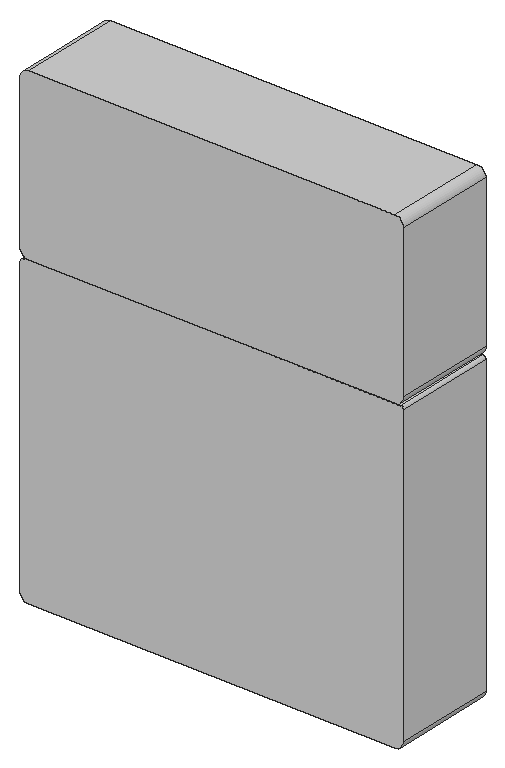
Revit family "Building-IEC309Boards-GEWISS-68QDIN-DISTRIBUTION-BOARD-20MOD_4SOCKET-OUTLETS_IB_ORIZ", category Attrezzatura elettrica, host Muro, Revit 2016
Family settings
  Host = Muro
  Configurazione quadro = Due colonne, circuiti in orizzontale
  Tipo di parte = Pannello comandi
  Quota connettore circolare = Usa diametro
  Numero OmniClass = 23.80.30.11.17
  Titolo OmniClass = Distribution Boards and Control Panels
  Sempre verticale = Sì
  Taglio con vuoti quando caricato = No
  Condiviso = No
  Punto di calcolo locali = No
Parameters (values of type "GW68014N - Q-DIN 20M 4 FLANGES S.O.BL.HOR.CBF IP65")
  potenza = 400 V
  Working temperature = "-25 ÷ +40 °C"
  Voltaggio = "400V"
  Vista di pianta [instance] = yes
  Vetro = GEWISS - vetro
  Version type = "Empty"
  Version file RFA = "18.0"
  URL = "https://www.gewiss.com/ww/en"
  Thermo-pressure with ball = "70 °C"
  Technical sheet = "https://www.gewiss.com/ww/en/search?q=GW68014N"
  Struttura = GEWISS - Grigio RAL - 7035
  Simbolo Acceso [instance] = yes
  Shock resistance = "IK08"
  SEO = "Board"
  Realized by GEWISS S.p.A. = ""
  Produttore = "GEWISS S.p.A."
  Presa = GEWISS - Grigio RAL - 7035
  Operating temperature: = "-25 +40 °C"
  Offset etichetta nome quadro [instance] = 125 mm
  Numero di poli = 3
  Panel Name [instance] = "NOME"
  No. of provided blank lids = "2 IB 16/32A"
  No. of modules EN 50022 = "20"
  No. of blank lids supplied = "2 IB 16/32A"
  No. IB socket-outlets houseable = "4 IB Horiz. 16/32A CBF IP44"
  Modello = "GW68014N"
  Insulation class = "II"
  Installation type = "Surface-mounting"
  Immagine tipo = GW68014N.jpg
  IP degree = "IP65"
  IFC.TypeObject = ""
  IFC.ExportType = ""
  IFC.ExportAs = ""
  IDT = "90d6f30b-0b77-4e9c-bb41-47f43079aa94"
  IDF = "6844e258-d407-403b-8fb6-669cf0bd49dc"
  Houseable socket = "4 IB Horiz. 16/32A CBF IP44"
  Houseable interloc. socket. = "4 IB Horiz. 16/32A CBF IP44"
  H_da terra = 1200 mm
  Glow Wire Test = "650°C"
  For socket-outlets = "CBF horizontal"
  Electrocod = "2242"
  ETICHETTA NOME QUADRO [instance] = yes
  EAN code = "8011564744837"
  Distanza orizzontale del simbolo [instance] = 0 mm
  Distanza dal muro [instance] = 0 mm
  Dispersible power B (W) = "92"
  Dispersible power A (W) = "30"
  Descrizione = "Q-DIN 20M 4 FLANGES S.O.BL.HOR.CBF IP65"
  Colour = "Grey RAL 7035"
  Classificazione carico = Altro
  Catalogue Range = "68 QDIN"
  Catalogue = "BUILDING"
  Carico apparente = 0 VA
  Cornice simbolo [instance] = no
  COBie.Tagnumber = ""
  COBie.CreatedOn = ""
  COBie.CreatebBy = ""
  COBie.ComponentRegisterItemID = ""
  COBie.Component.TagNumber = ""
  COBie.Component.Space = ""
  COBie.Component.SerialNumber = ""
  COBie.Component.InstallationDate = ""
  COBie.Component.Description = ""
  COBie.Component.BarCode = ""
  Accordance with Standards = "EN 60208 - EN 60670-1 - IEC 60670-24"
Reference planes
  plane 1 "Muro": y = 0
  plane 2 "Centro (Sinistra/Destra)": x = 125
  plane 3 "Indietro": y = 75
  plane 4: z = 1200
  plane 5: x = 125
  plane 6: y = 200
Lines and regions (mm)
  Masking region 1, visible <- "Vista di pianta"
    outline origin (0, 0, 0) x (1, 0, 0) y (0, 1, 0)
      loop
        line (-100, 175) -> (-100, 75) -> (350, 75) -> (350, 175) -> (-100, 175)
  Masking region 2
    outline origin (125, 0, 0) x (0, 1, 0) y (0, 0, 1)
      loop
        line (75, 1033) -> (175, 1033) -> (175, 1200) -> (75, 1200) -> (75, 1033)
  Masking region 3
    outline origin (125, 0, 0) x (0, 1, 0) y (0, 0, 1)
      loop
        line (155.196, 1033) -> (75, 1033) -> (75, 640) -> (155.196, 640) -> (155.196, 1033)
Text (mm)
  text "Lato posizionamento" at (-1848.837, 1116.779, 0), in view "Livello rif."
  text "Lato posizionamento" at (0, 1409.804, 2854.306), in view "Sinistra"
  text "Lato posizionamento" at (0, 499.811, 2980.732), in view "Destra"
Dimensions and locks
  locked: plane 3 "Indietro" to host wall
  "H_da terra": level to plane 4
  "Offset etichetta nome quadro": host wall to plane 6
  "Distanza orizzontale del simbolo": plane 5 to plane 2 "Centro (Sinistra/Destra)"
  aligned and locked: plane 1 "Muro" to host wall
  aligned and locked: nested 1 to plane 3 "Indietro"
  aligned and locked: plane 4 to nested 1
  aligned and locked: nested 2 to plane 6
  aligned and locked: plane 5 to nested 3
  aligned and locked: Masking region 1 to nested 1  (x2)
  aligned and locked: Masking region 2 sketch curve to nested 1  (x3)
  aligned and locked: nested 1 to Masking region 2 sketch curve
  aligned and locked: Masking region 3 sketch curve to nested 1  (x4)
  aligned and locked: plane 2 "Centro (Sinistra/Destra)" to nested 4
  aligned and locked: nested 4 to plane 4
Automatic sketch dimensions
  Masking region 1 sketch curve to host wall = 0 mm
  Masking region 1 sketch curve to plane 2 "Centro (Sinistra/Destra)" = 225 mm
  plane 2 "Centro (Sinistra/Destra)" to Masking region 1 sketch curve = 225 mm
  host wall to Masking region 1 sketch curve = 100 mm
Nested families
  nested 1: "QDIN10 QUADRO  X 4 PRESE IND" at (125, 75, 53.117) x (-1, 0, 0) z (0, 0, 1), type "QDIN10 QUADRO  X 4 PRESE IND"
  nested 2: "NOME QUADRO" at (125, 200, 0), TXT <- "Panel Name", visible <- "ETICHETTA NOME QUADRO", type "NOME QUADRO"
    with TXT "NOME"
  nested 3: "CENTRALINO" at (125, 116.894, 0), BORDO ACCESO <- "Cornice simbolo", SIMBOLO ACCESO <- "Simbolo Acceso", Distanza dal muro <- "Distanza dal muro", type "CENTRALINO"
    with SIMBOLO ACCESO yes, Distanza dal muro 0 mm, BORDO ACCESO no
  nested 4: "2D - QDIN20 QUADRO DISTRIB X4 PRESE IND ORIZZ" at (125, 0, 640) x (1, 0, 0) z (0, -1, 0), type "BIDIMENSIONALE"
Connectors
  electrical at (125, 135, 640), driven by "Numero di poli", driven by "potenza", driven by "Carico apparente", driven by "Classificazione carico"
    settings: on nested 1, index 1, voltage 400 V, apparent load 0 VA, apparent load phase1 0 VA, apparent load phase2 0 VA, apparent load phase3 0 VA, power factor 1, load classification "Altro", number of poles 3, system type 31, power factor state 1, is connector primary yes, connector utility no, sub classification motor no, connector description ""
Definition of nested family "QDIN10 QUADRO  X 4 PRESE IND"
  Parameters (values of type "QDIN10 QUADRO  X 4 PRESE IND")
    Vetro = none
    Struttura = none
    Spessore = 160 mm
    Default Elevation = 14 mm
    Presa = none
    Lunghezza = 450 mm
    IFC.TypeObject = ""
    IFC.ExportType = ""
    IFC.ExportAs = ""
    H_da terra = 586.883 mm
    COBie.CreatedOn = ""
    COBie.CreatebBy = ""
    COBie.ComponentRegisterItemID = ""
    COBie.Component.TagNumber = ""
    COBie.Component.Space = ""
    COBie.Component.SerialNumber = ""
    COBie.Component.InstallationDate = ""
    COBie.Component.Description = ""
    COBie.Component.BarCode = ""
    Altezza = 560 mm
  Reference planes
    plane 1 "Centro (Fronte/Retro)": y = 0
    plane 2: z = 0
    plane 3 "Centro (Sinistra/Destra)": x = 0
    plane 4 "s": y = -100
    plane 5: z = 586.883
    plane 6: z = 1146.883
    plane 7: x = -225
    plane 8: x = 225
    plane 9: z = 979.883
    plane 10: y = -80.196
    plane 11: z = 959.178
    plane 12: x = 210.006
    plane 13: z = 613.149
    plane 14: x = -210.006
    plane 15: x = -222.597
    plane 16: x = 222.589
    plane 17: z = 989.383
    plane 18: z = 1108.347
    plane 19: y = -46.089
    plane 20: y = -87.126
    plane 21: x = 2.5
    plane 22: x = -2.5
    plane 23: z = 775.855
    plane 24: z = 770.855
  Forms (mm)
    Extrusion 1, solid, material <- "Struttura"
      sketch origin (0, 0, 0) x (1, 0, 0) y (0, 0, 1)
        loop
          arc (-215, 1146.883) -> (-222.071, 1143.954) -> (-225, 1136.883) r 10
          line (-225, 1136.883) -> (-225, 958.79)
          arc (-225, 958.79) -> (-222.071, 951.719) -> (-215, 948.79) r 10
          line (-215, 948.79) -> (215, 948.79)
          arc (215, 948.79) -> (222.071, 951.719) -> (225, 958.79) r 10
          line (225, 958.79) -> (225, 1136.883)
          arc (225, 1136.883) -> (222.071, 1143.954) -> (215, 1146.883) r 10
          line (215, 1146.883) -> (-215, 1146.883)
      from 0 to 120
    Extrusion 2, solid, material <- "Struttura"
      sketch origin (0, 0, 0) x (1, 0, 0) y (0, 0, 1)
        loop
          line (217.45, 948.79) -> (-221.38, 948.79)
          arc (-221.38, 948.79) -> (-223.94, 947.73) -> (-225, 945.17) r 3.62
          line (-225, 945.17) -> (-225, 596.883)
          arc (-225, 596.883) -> (-222.071, 589.812) -> (-215, 586.883) r 10
          line (-215, 586.883) -> (215, 586.883)
          arc (215, 586.883) -> (222.071, 589.812) -> (225, 596.883) r 10
          line (225, 596.883) -> (225, 941.24)
          arc (225, 941.24) -> (222.789, 946.579) -> (217.45, 948.79) r 7.55
      from 0 to 120
    Extrusion 3, void
      sketch origin (0, 0, 0) x (1, 0, 0) y (0, 0, 1)
        loop
          line (-222.597, 1108.347) -> (-222.597, 989.383) -> (222.589, 989.383) -> (222.589, 1108.347) -> (-222.597, 1108.347)
      from 46.089 to 120
    Extrusion 4, solid, material <- "Vetro", detail levels fine
      sketch origin (0, 0, 0) x (1, 0, 0) y (0, 0, 1)
        loop
          line (-222.597, 1108.347) -> (-222.597, 989.383) -> (222.589, 989.383) -> (222.589, 1108.347) -> (-222.597, 1108.347)
      from 87.126 to 120.5
    Extrusion 5, solid, material <- "Struttura", detail levels fine
      sketch origin (0, 0, 0) x (1, 0, 0) y (0, 0, 1)
        loop
          line (-210.006, 926.364) -> (-210.006, 775.855) -> (-2.5, 775.855) -> (-2.5, 926.364) -> (-210.006, 926.364)
        loop
          line (2.5, 926.364) -> (2.5, 775.855) -> (210.006, 775.855) -> (210.006, 926.364) -> (2.5, 926.364)
        loop
          line (-210.006, 770.855) -> (-210.006, 613.149) -> (-2.5, 613.149) -> (-2.5, 770.855) -> (-210.006, 770.855)
        loop
          line (2.5, 770.855) -> (2.5, 613.149) -> (210.006, 613.149) -> (210.006, 770.855) -> (2.5, 770.855)
      from 119 to 122
  Cuts and joins
    Extrusion 3 cuts Extrusion 1
  Dimensions and locks
    plane 4 "s" to plane 1 "Centro (Fronte/Retro)" = 100 mm  (x2)
    "H_da terra": plane 5 to level
    equal spacing: plane 7, plane 3 "Centro (Sinistra/Destra)", plane 8
    "Lunghezza": plane 7 to plane 8
    locked: plane 4 "s" to plane 10 at 19.804
    locked: plane 12 to plane 8 at 14.994
    locked: plane 13 to plane 5 at 26.266
    locked: plane 14 to plane 7 at 14.994
    locked: plane 6 to plane 18 at 38.537
    locked: plane 17 to plane 9 at 9.5
    locked: plane 7 to plane 15 at 2.403
    locked: plane 16 to plane 8 at 2.411
    locked: plane 4 "s" to plane 19 at 53.911
    locked: plane 4 "s" to plane 20 at 12.874
    locked: plane 9 to plane 11 at 20.705
    "Altezza": plane 6 to plane 5
    locked: plane 18 to plane 17 at 118.963
    equal spacing: plane 21, plane 3 "Centro (Sinistra/Destra)", plane 22
    plane 21 to plane 22 = 5 mm
    plane 23 to plane 24 = 5 mm
    plane 5 to Extrusion 5 = 339.481 mm
    aligned and locked: level to plane 2
    aligned and locked: Extrusion 1 sketch curve to plane 6
    aligned and locked: Extrusion 1 sketch curve to plane 8
    aligned and locked: Extrusion 1 sketch curve to plane 7
    aligned and locked: Extrusion 2 sketch curve to plane 8
    aligned and locked: Extrusion 2 sketch curve to plane 7
    aligned and locked: Extrusion 2 sketch curve to plane 5
    aligned and locked: Extrusion 3 sketch curve to plane 18
    aligned and locked: plane 16 to Extrusion 3 sketch curve
    aligned and locked: plane 15 to Extrusion 3 sketch curve
    aligned and locked: Extrusion 3 sketch curve to plane 17
    aligned and locked: plane 19 to cut or joined group of Extrusion 1, Extrusion 3
    aligned and locked: Extrusion 4 sketch curve to plane 18
    aligned and locked: plane 16 to Extrusion 4 sketch curve
    aligned and locked: Extrusion 4 sketch curve to plane 17
    aligned and locked: plane 15 to Extrusion 4 sketch curve
    aligned and locked: plane 20 to Extrusion 4
    aligned and locked: Extrusion 5 sketch curve to plane 22
    aligned and locked: plane 21 to Extrusion 5 sketch curve
    aligned and locked: Extrusion 5 sketch curve to plane 13  (x2)
  Automatic sketch dimensions
    Extrusion 1 sketch curve to Extrusion 1 sketch curve = 10 mm  (x2)
    Extrusion 1 sketch curve to plane 7 = 10 mm
    plane 8 to Extrusion 1 sketch curve = 10 mm
    Extrusion 2 sketch curve to Extrusion 2 sketch curve = 3.62 mm
    Extrusion 2 sketch curve to plane 7 = 10 mm
    Extrusion 2 sketch curve to Extrusion 2 sketch curve = 10 mm
    plane 8 to Extrusion 2 sketch curve = 7.55 mm
    Extrusion 5 sketch curve to plane 15 = 12.591 mm
    Extrusion 5 sketch curve to plane 14 = 0 mm
    Extrusion 5 sketch curve to plane 21 = 0 mm
    Extrusion 5 sketch curve to plane 3 "Centro (Sinistra/Destra)" = 2.5 mm
    plane 16 to Extrusion 5 sketch curve = 12.583 mm  (x2)
    plane 17 to Extrusion 1 sketch curve = 30.593 mm
    Extrusion 2 sketch curve to plane 11 = 17.939 mm
    Extrusion 5 sketch curve to plane 11 = 32.814 mm  (x2)
    Extrusion 5 sketch curve to plane 23 = 0 mm  (x2)
    Extrusion 5 sketch curve to plane 24 = 0 mm  (x2)
Definition of nested family "NOME QUADRO"
  Parameters (values of type "NOME QUADRO")
    TXT [instance] = ""
  Reference planes
    plane 1: y = 0
    plane 2: x = 0
  Text (mm)
    label "NOME QUADRO" at (0.217, 0.029, 0), shows "TXT"
Definition of nested family "CENTRALINO"
  Parameters (values of type "CENTRALINO")
    SIMBOLO ACCESO [instance] = yes
    Distanza dal muro [instance] = 0 mm
    BORDO ACCESO [instance] = yes
  Reference planes
    plane 1: y = 0
    plane 2: x = 0
  Dimensions and locks
    "Distanza dal muro": plane 1 to nested 1
    aligned and locked: plane 2 to nested 1
  Nested families
    nested 1: "CENTRALINO_BASE" at (0, 0, 0), BORDO ACCESO <- "BORDO ACCESO", visible <- "SIMBOLO ACCESO", type "CENTRALINO"
      with BORDO ACCESO yes
  Definition of nested family "CENTRALINO_BASE"
    Parameters (values of type "CENTRALINO")
      Distanza dal muro = 0 mm
      BORDO ACCESO [instance] = yes
    Reference planes
      plane 1: y = 0
      plane 2: x = 0
    Lines and regions (mm)
      detail lines, visible <- "BORDO ACCESO", not visible
        curve 1: line (-2.443, 10.208, 0) -> (2.057, 10.208, 0)
        curve 2: line (2.057, 10.208, 0) -> (2.057, 4.208, 0)
        curve 3: line (2.057, 4.208, 0) -> (-2.443, 4.208, 0)
        curve 4: line (-2.443, 4.208, 0) -> (-2.443, 10.208, 0)
        curve 5: line (-2.043, 9.808, 0) -> (1.657, 9.808, 0)
        curve 6: line (1.657, 9.808, 0) -> (1.657, 4.608, 0)
        curve 7: line (1.657, 4.608, 0) -> (-2.043, 4.608, 0)
        curve 8: line (-2.043, 4.608, 0) -> (-2.043, 9.808, 0)
      detail lines
        curve 9: line (0, 0.905, 0) -> (0, 0.235, 0)
        curve 10: line (0.659, 0.905, 0) -> (0.659, 1.564, 0)
        curve 11: line (0.659, 1.564, 0) -> (-0.659, 1.564, 0)
        curve 12: line (-0.659, 1.564, 0) -> (-0.659, 0.905, 0)
        curve 13: line (-0.659, 0.905, 0) -> (0.659, 0.905, 0)
        curve 14: line (0.497, 1.564, 0) -> (0.497, 2.235, 0)
        curve 15: line (0.167, 1.564, 0) -> (0.167, 2.235, 0)
        curve 16: line (-0.162, 1.564, 0) -> (-0.162, 2.235, 0)
        curve 17: line (-0.491, 1.564, 0) -> (-0.491, 2.235, 0)
Definition of nested family "2D - QDIN20 QUADRO DISTRIB X4 PRESE IND ORIZZ"
  Reference planes
    plane 1 "Centro (Fronte/Retro)": y = 0
    plane 2: z = 0
    plane 3 "Centro (Sinistra/Destra)": x = 0
  Lines and regions (mm)
    model lines, in view "Livello rif."
      curve 1: line (197.291, 357.195, 0) -> (197.291, 494.197, 0)
      curve 2: line (197.291, 494.197, 0) -> (-197.291, 494.197, 0)
      curve 3: line (-197.291, 494.197, 0) -> (-197.291, 357.195, 0)
      curve 4: line (-197.291, 357.195, 0) -> (197.291, 357.195, 0)
      curve 5: line (-225, 545, 0) -> (-225, 15, 0)
      curve 6: line (-225, 15, 0) -> (-224.451, 10.981, 0)
      curve 7: line (-224.451, 10.981, 0) -> (-223.144, 7.773, 0)
      curve 8: line (-223.144, 7.773, 0) -> (-220.607, 4.393, 0)
      curve 9: line (-220.607, 4.393, 0) -> (-217.763, 2.165, 0)
      curve 10: line (-217.763, 2.165, 0) -> (-214.387, 0.656, 0)
      curve 11: line (-214.387, 0.656, 0) -> (-210, 0, 0)
      curve 12: line (-210, 0, 0) -> (210, 0, 0)
      curve 13: line (210, 0, 0) -> (214.387, 0.656, 0)
      curve 14: line (214.387, 0.656, 0) -> (217.763, 2.165, 0)
      curve 15: line (217.763, 2.165, 0) -> (220.607, 4.393, 0)
      curve 16: line (220.607, 4.393, 0) -> (223.144, 7.773, 0)
      curve 17: line (223.144, 7.773, 0) -> (224.451, 10.981, 0)
      curve 18: line (224.451, 10.981, 0) -> (225, 15, 0)
      curve 19: line (225, 15, 0) -> (225, 545, 0)
      curve 20: line (225, 545, 0) -> (224.451, 549.019, 0)
      curve 21: line (224.451, 549.019, 0) -> (223.144, 552.227, 0)
      curve 22: line (223.144, 552.227, 0) -> (220.607, 555.607, 0)
      curve 23: line (220.607, 555.607, 0) -> (217.763, 557.835, 0)
      curve 24: line (217.763, 557.835, 0) -> (214.387, 559.344, 0)
      curve 25: line (214.387, 559.344, 0) -> (210, 560, 0)
      curve 26: line (210, 560, 0) -> (-210, 560, 0)
      curve 27: line (-210, 560, 0) -> (-214.387, 559.344, 0)
      curve 28: line (-214.387, 559.344, 0) -> (-217.763, 557.835, 0)
      curve 29: line (-217.763, 557.835, 0) -> (-220.607, 555.607, 0)
      curve 30: line (-220.607, 555.607, 0) -> (-223.144, 552.227, 0)
      curve 31: line (-223.144, 552.227, 0) -> (-224.451, 549.019, 0)
      curve 32: line (-224.451, 549.019, 0) -> (-225, 545, 0)
      curve 33: line (-179.998, 467.5, 0) -> (180.002, 467.5, 0)
      curve 34: line (180.002, 467.5, 0) -> (180.002, 422.5, 0)
      curve 35: line (180.002, 422.5, 0) -> (-179.998, 422.5, 0)
      curve 36: line (-179.998, 422.5, 0) -> (-179.998, 467.5, 0)
      curve 37: line (-197.291, 379.715, 0) -> (197.291, 379.715, 0)
      curve 38: line (-35.454, 376.127, 0) -> (-35, 377.567, 0)
      curve 39: line (-35, 377.567, 0) -> (-35, 379.715, 0)
      curve 40: line (-35, 379.715, 0) -> (-35, 381.972, 0)
      curve 41: line (-35, 381.972, 0) -> (-36.201, 383.745, 0)
      curve 42: line (-36.201, 383.745, 0) -> (-38.012, 386.915, 0)
      curve 43: line (-38.012, 386.915, 0) -> (-40.77, 388.305, 0)
      curve 44: line (-40.77, 388.305, 0) -> (-43.662, 389.192, 0)
      curve 45: line (-43.662, 389.192, 0) -> (-46.027, 389.544, 0)
      curve 46: line (-46.027, 389.544, 0) -> (-47.5, 389.604, 0)
      curve 47: line (-47.5, 389.604, 0) -> (-132.5, 389.604, 0)
      curve 48: line (-132.5, 389.604, 0) -> (-133.973, 389.544, 0)
      curve 49: line (-133.973, 389.544, 0) -> (-136.338, 389.192, 0)
      curve 50: line (-136.338, 389.192, 0) -> (-139.23, 388.305, 0)
      curve 51: line (-139.23, 388.305, 0) -> (-141.988, 386.915, 0)
      curve 52: line (-141.988, 386.915, 0) -> (-143.799, 383.745, 0)
      curve 53: line (-143.799, 383.745, 0) -> (-145, 381.972, 0)
      curve 54: line (-145, 381.972, 0) -> (-145, 379.715, 0)
      curve 55: line (-145, 379.715, 0) -> (-145, 377.567, 0)
      curve 56: line (-145, 377.567, 0) -> (-144.546, 376.127, 0)
      curve 57: line (-47.5, 369.345, 0) -> (-80.224, 369.345, 0)
      curve 58: line (-35.454, 376.127, 0) -> (-33.913, 376.127, 0)
      curve 59: line (-33.913, 376.127, 0) -> (-33.63, 375.959, 0)
      curve 60: line (-33.63, 375.959, 0) -> (-35.818, 373.437, 0)
      curve 61: line (-35.818, 373.437, 0) -> (-39.198, 371.238, 0)
      curve 62: line (-39.198, 371.238, 0) -> (-42.199, 370.036, 0)
      curve 63: line (-42.199, 370.036, 0) -> (-44.774, 369.51, 0)
      curve 64: line (-44.774, 369.51, 0) -> (-47.5, 369.345, 0)
      curve 65: line (-144.182, 373.437, 0) -> (-140.802, 371.238, 0)
      curve 66: line (-140.802, 371.238, 0) -> (-137.801, 370.036, 0)
      curve 67: line (-137.801, 370.036, 0) -> (-135.226, 369.51, 0)
      curve 68: line (-135.226, 369.51, 0) -> (-132.5, 369.345, 0)
      curve 69: line (-132.5, 369.345, 0) -> (-99.776, 369.345, 0)
      curve 70: line (-144.546, 376.127, 0) -> (-146.087, 376.127, 0)
      curve 71: line (-146.087, 376.127, 0) -> (-146.37, 375.959, 0)
      curve 72: line (-146.37, 375.959, 0) -> (-144.182, 373.437, 0)
      curve 73: line (-89.99, 359.037, 0) -> (-94.782, 360.321, 0)
      curve 74: line (-94.782, 360.321, 0) -> (-98.289, 363.829, 0)
      curve 75: line (-98.289, 363.829, 0) -> (-99.573, 368.62, 0)
      curve 76: line (-99.573, 368.62, 0) -> (-98.289, 373.412, 0)
      curve 77: line (-98.289, 373.412, 0) -> (-94.782, 376.919, 0)
      curve 78: line (-94.782, 376.919, 0) -> (-89.99, 378.203, 0)
      curve 79: line (-89.99, 378.203, 0) -> (-85.198, 376.919, 0)
      curve 80: line (-85.198, 376.919, 0) -> (-81.691, 373.412, 0)
      curve 81: line (-81.691, 373.412, 0) -> (-80.407, 368.62, 0)
      curve 82: line (-80.407, 368.62, 0) -> (-81.691, 363.829, 0)
      curve 83: line (-81.691, 363.829, 0) -> (-85.198, 360.321, 0)
      curve 84: line (-85.198, 360.321, 0) -> (-89.99, 359.037, 0)
      curve 85: line (-189.207, 321.983, 0) -> (-187.909, 321.635, 0)
      curve 86: line (-187.909, 321.635, 0) -> (-186.958, 320.685, 0)
      curve 87: line (-186.958, 320.685, 0) -> (-186.611, 319.386, 0)
      curve 88: line (-186.611, 319.386, 0) -> (-186.958, 318.088, 0)
      curve 89: line (-186.958, 318.088, 0) -> (-187.909, 317.138, 0)
      curve 90: line (-187.909, 317.138, 0) -> (-189.207, 316.79, 0)
      curve 91: line (-189.207, 316.79, 0) -> (-190.505, 317.138, 0)
      curve 92: line (-190.505, 317.138, 0) -> (-191.455, 318.088, 0)
      curve 93: line (-191.455, 318.088, 0) -> (-191.803, 319.386, 0)
      curve 94: line (-191.803, 319.386, 0) -> (-191.455, 320.685, 0)
      curve 95: line (-191.455, 320.685, 0) -> (-190.505, 321.635, 0)
      curve 96: line (-190.505, 321.635, 0) -> (-189.207, 321.983, 0)
      curve 97: line (-3.57, 185.693, 0) -> (-3.57, 321.456, 0)
      curve 98: line (-3.57, 321.456, 0) -> (-4.087, 324.119, 0)
      curve 99: line (-4.087, 324.119, 0) -> (-5.657, 326.493, 0)
      curve 100: line (-5.657, 326.493, 0) -> (-7.814, 327.972, 0)
      curve 101: line (-7.814, 327.972, 0) -> (-10.693, 328.579, 0)
      curve 102: line (-10.693, 328.579, 0) -> (-192.424, 328.579, 0)
      curve 103: line (-192.424, 328.579, 0) -> (-195.303, 327.972, 0)
      curve 104: line (-195.303, 327.972, 0) -> (-197.461, 326.493, 0)
      curve 105: line (-197.461, 326.493, 0) -> (-199.031, 324.119, 0)
      curve 106: line (-199.031, 324.119, 0) -> (-199.547, 321.456, 0)
      curve 107: line (-199.547, 321.456, 0) -> (-199.547, 185.693, 0)
      curve 108: line (-199.547, 185.693, 0) -> (-199.031, 183.031, 0)
      curve 109: line (-199.031, 183.031, 0) -> (-197.461, 180.656, 0)
      curve 110: line (-197.461, 180.656, 0) -> (-195.303, 179.178, 0)
      curve 111: line (-195.303, 179.178, 0) -> (-192.424, 178.57, 0)
      curve 112: line (-192.424, 178.57, 0) -> (-10.693, 178.57, 0)
      curve 113: line (-10.693, 178.57, 0) -> (-7.814, 179.178, 0)
      curve 114: line (-7.814, 179.178, 0) -> (-5.657, 180.656, 0)
      curve 115: line (-5.657, 180.656, 0) -> (-4.087, 183.031, 0)
      curve 116: line (-4.087, 183.031, 0) -> (-3.57, 185.693, 0)
      curve 117: line (-13.91, 321.983, 0) -> (-15.208, 321.635, 0)
      curve 118: line (-15.208, 321.635, 0) -> (-16.159, 320.685, 0)
      curve 119: line (-16.159, 320.685, 0) -> (-16.507, 319.386, 0)
      curve 120: line (-16.507, 319.386, 0) -> (-16.159, 318.088, 0)
      curve 121: line (-16.159, 318.088, 0) -> (-15.208, 317.138, 0)
      curve 122: line (-15.208, 317.138, 0) -> (-13.91, 316.79, 0)
      curve 123: line (-13.91, 316.79, 0) -> (-12.612, 317.138, 0)
      curve 124: line (-12.612, 317.138, 0) -> (-11.662, 318.088, 0)
      curve 125: line (-11.662, 318.088, 0) -> (-11.314, 319.386, 0)
      curve 126: line (-11.314, 319.386, 0) -> (-11.662, 320.685, 0)
      curve 127: line (-11.662, 320.685, 0) -> (-12.612, 321.635, 0)
      curve 128: line (-12.612, 321.635, 0) -> (-13.91, 321.983, 0)
      curve 129: line (-189.207, 185.167, 0) -> (-187.909, 185.514, 0)
      curve 130: line (-187.909, 185.514, 0) -> (-186.958, 186.465, 0)
      curve 131: line (-186.958, 186.465, 0) -> (-186.611, 187.763, 0)
      curve 132: line (-186.611, 187.763, 0) -> (-186.958, 189.061, 0)
      curve 133: line (-186.958, 189.061, 0) -> (-187.909, 190.011, 0)
      curve 134: line (-187.909, 190.011, 0) -> (-189.207, 190.359, 0)
      curve 135: line (-189.207, 190.359, 0) -> (-190.505, 190.011, 0)
      curve 136: line (-190.505, 190.011, 0) -> (-191.455, 189.061, 0)
      curve 137: line (-191.455, 189.061, 0) -> (-191.803, 187.763, 0)
      curve 138: line (-191.803, 187.763, 0) -> (-191.455, 186.465, 0)
      curve 139: line (-191.455, 186.465, 0) -> (-190.505, 185.514, 0)
      curve 140: line (-190.505, 185.514, 0) -> (-189.207, 185.167, 0)
      curve 141: line (-13.91, 185.167, 0) -> (-15.208, 185.514, 0)
      curve 142: line (-15.208, 185.514, 0) -> (-16.159, 186.465, 0)
      curve 143: line (-16.159, 186.465, 0) -> (-16.507, 187.763, 0)
      curve 144: line (-16.507, 187.763, 0) -> (-16.159, 189.061, 0)
      curve 145: line (-16.159, 189.061, 0) -> (-15.208, 190.011, 0)
      curve 146: line (-15.208, 190.011, 0) -> (-13.91, 190.359, 0)
      curve 147: line (-13.91, 190.359, 0) -> (-12.612, 190.011, 0)
      curve 148: line (-12.612, 190.011, 0) -> (-11.662, 189.061, 0)
      curve 149: line (-11.662, 189.061, 0) -> (-11.314, 187.763, 0)
      curve 150: line (-11.314, 187.763, 0) -> (-11.662, 186.465, 0)
      curve 151: line (-11.662, 186.465, 0) -> (-12.612, 185.514, 0)
      curve 152: line (-12.612, 185.514, 0) -> (-13.91, 185.167, 0)
      curve 153: line (132.503, 369.345, 0) -> (99.78, 369.345, 0)
      curve 154: line (144.549, 376.127, 0) -> (146.091, 376.127, 0)
      curve 155: line (146.091, 376.127, 0) -> (146.374, 375.959, 0)
      curve 156: line (146.374, 375.959, 0) -> (144.186, 373.437, 0)
      curve 157: line (144.186, 373.437, 0) -> (140.806, 371.238, 0)
      curve 158: line (140.806, 371.238, 0) -> (137.804, 370.036, 0)
      curve 159: line (137.804, 370.036, 0) -> (135.229, 369.51, 0)
      curve 160: line (135.229, 369.51, 0) -> (132.503, 369.345, 0)
      curve 161: line (35.821, 373.437, 0) -> (39.201, 371.238, 0)
      curve 162: line (39.201, 371.238, 0) -> (42.203, 370.036, 0)
      curve 163: line (42.203, 370.036, 0) -> (44.778, 369.51, 0)
      curve 164: line (44.778, 369.51, 0) -> (47.503, 369.345, 0)
      curve 165: line (47.503, 369.345, 0) -> (80.227, 369.345, 0)
      curve 166: line (35.458, 376.127, 0) -> (33.916, 376.127, 0)
      curve 167: line (33.916, 376.127, 0) -> (33.633, 375.959, 0)
      curve 168: line (33.633, 375.959, 0) -> (35.821, 373.437, 0)
      curve 169: line (35.458, 376.127, 0) -> (35.003, 377.567, 0)
      curve 170: line (35.003, 377.567, 0) -> (35.003, 379.715, 0)
      curve 171: line (35.003, 379.715, 0) -> (35.003, 381.972, 0)
      curve 172: line (35.003, 381.972, 0) -> (36.204, 383.745, 0)
      curve 173: line (36.204, 383.745, 0) -> (38.016, 386.915, 0)
      curve 174: line (38.016, 386.915, 0) -> (40.773, 388.305, 0)
      curve 175: line (40.773, 388.305, 0) -> (43.665, 389.192, 0)
      curve 176: line (43.665, 389.192, 0) -> (46.031, 389.544, 0)
      curve 177: line (46.031, 389.544, 0) -> (47.503, 389.604, 0)
      curve 178: line (47.503, 389.604, 0) -> (132.503, 389.604, 0)
      curve 179: line (132.503, 389.604, 0) -> (133.976, 389.544, 0)
      curve 180: line (133.976, 389.544, 0) -> (136.342, 389.192, 0)
      curve 181: line (136.342, 389.192, 0) -> (139.234, 388.305, 0)
      curve 182: line (139.234, 388.305, 0) -> (141.991, 386.915, 0)
      curve 183: line (141.991, 386.915, 0) -> (143.803, 383.745, 0)
      curve 184: line (143.803, 383.745, 0) -> (145.003, 381.972, 0)
      curve 185: line (145.003, 381.972, 0) -> (145.003, 379.715, 0)
      curve 186: line (145.003, 379.715, 0) -> (145.003, 377.567, 0)
      curve 187: line (145.003, 377.567, 0) -> (144.549, 376.127, 0)
      curve 188: line (90.014, 359.037, 0) -> (85.222, 360.321, 0)
      curve 189: line (85.222, 360.321, 0) -> (81.714, 363.829, 0)
      curve 190: line (81.714, 363.829, 0) -> (80.43, 368.62, 0)
      curve 191: line (80.43, 368.62, 0) -> (81.714, 373.412, 0)
      curve 192: line (81.714, 373.412, 0) -> (85.222, 376.919, 0)
      curve 193: line (85.222, 376.919, 0) -> (90.014, 378.203, 0)
      curve 194: line (90.014, 378.203, 0) -> (94.805, 376.919, 0)
      curve 195: line (94.805, 376.919, 0) -> (98.313, 373.412, 0)
      curve 196: line (98.313, 373.412, 0) -> (99.597, 368.62, 0)
      curve 197: line (99.597, 368.62, 0) -> (98.313, 363.829, 0)
      curve 198: line (98.313, 363.829, 0) -> (94.805, 360.321, 0)
      curve 199: line (94.805, 360.321, 0) -> (90.014, 359.037, 0)
      curve 200: line (189.21, 321.983, 0) -> (187.912, 321.635, 0)
      curve 201: line (187.912, 321.635, 0) -> (186.962, 320.685, 0)
      curve 202: line (186.962, 320.685, 0) -> (186.614, 319.386, 0)
      curve 203: line (186.614, 319.386, 0) -> (186.962, 318.088, 0)
      curve 204: line (186.962, 318.088, 0) -> (187.912, 317.138, 0)
      curve 205: line (187.912, 317.138, 0) -> (189.21, 316.79, 0)
      curve 206: line (189.21, 316.79, 0) -> (190.508, 317.138, 0)
      curve 207: line (190.508, 317.138, 0) -> (191.459, 318.088, 0)
      curve 208: line (191.459, 318.088, 0) -> (191.807, 319.386, 0)
      curve 209: line (191.807, 319.386, 0) -> (191.459, 320.685, 0)
      curve 210: line (191.459, 320.685, 0) -> (190.508, 321.635, 0)
      curve 211: line (190.508, 321.635, 0) -> (189.21, 321.983, 0)
      curve 212: line (3.574, 185.693, 0) -> (3.574, 321.456, 0)
      curve 213: line (3.574, 321.456, 0) -> (4.09, 324.119, 0)
      curve 214: line (4.09, 324.119, 0) -> (5.66, 326.493, 0)
      curve 215: line (5.66, 326.493, 0) -> (7.818, 327.972, 0)
      curve 216: line (7.818, 327.972, 0) -> (10.697, 328.579, 0)
      curve 217: line (10.697, 328.579, 0) -> (192.427, 328.579, 0)
      curve 218: line (192.427, 328.579, 0) -> (195.306, 327.972, 0)
      curve 219: line (195.306, 327.972, 0) -> (197.464, 326.493, 0)
      curve 220: line (197.464, 326.493, 0) -> (199.034, 324.119, 0)
      curve 221: line (199.034, 324.119, 0) -> (199.55, 321.456, 0)
      curve 222: line (199.55, 321.456, 0) -> (199.55, 185.693, 0)
      curve 223: line (199.55, 185.693, 0) -> (199.034, 183.031, 0)
      curve 224: line (199.034, 183.031, 0) -> (197.464, 180.656, 0)
      curve 225: line (197.464, 180.656, 0) -> (195.306, 179.178, 0)
      curve 226: line (195.306, 179.178, 0) -> (192.427, 178.57, 0)
      curve 227: line (192.427, 178.57, 0) -> (10.697, 178.57, 0)
      curve 228: line (10.697, 178.57, 0) -> (7.818, 179.178, 0)
      curve 229: line (7.818, 179.178, 0) -> (5.66, 180.656, 0)
      curve 230: line (5.66, 180.656, 0) -> (4.09, 183.031, 0)
      curve 231: line (4.09, 183.031, 0) -> (3.574, 185.693, 0)
      curve 232: line (13.914, 321.983, 0) -> (15.212, 321.635, 0)
      curve 233: line (15.212, 321.635, 0) -> (16.162, 320.685, 0)
      curve 234: line (16.162, 320.685, 0) -> (16.51, 319.386, 0)
      curve 235: line (16.51, 319.386, 0) -> (16.162, 318.088, 0)
      curve 236: line (16.162, 318.088, 0) -> (15.212, 317.138, 0)
      curve 237: line (15.212, 317.138, 0) -> (13.914, 316.79, 0)
      curve 238: line (13.914, 316.79, 0) -> (12.616, 317.138, 0)
      curve 239: line (12.616, 317.138, 0) -> (11.665, 318.088, 0)
      curve 240: line (11.665, 318.088, 0) -> (11.317, 319.386, 0)
      curve 241: line (11.317, 319.386, 0) -> (11.665, 320.685, 0)
      curve 242: line (11.665, 320.685, 0) -> (12.616, 321.635, 0)
      curve 243: line (12.616, 321.635, 0) -> (13.914, 321.983, 0)
      curve 244: line (189.21, 185.167, 0) -> (187.912, 185.514, 0)
      curve 245: line (187.912, 185.514, 0) -> (186.962, 186.465, 0)
      curve 246: line (186.962, 186.465, 0) -> (186.614, 187.763, 0)
      curve 247: line (186.614, 187.763, 0) -> (186.962, 189.061, 0)
      curve 248: line (186.962, 189.061, 0) -> (187.912, 190.011, 0)
      curve 249: line (187.912, 190.011, 0) -> (189.21, 190.359, 0)
      curve 250: line (189.21, 190.359, 0) -> (190.508, 190.011, 0)
      curve 251: line (190.508, 190.011, 0) -> (191.459, 189.061, 0)
      curve 252: line (191.459, 189.061, 0) -> (191.807, 187.763, 0)
      curve 253: line (191.807, 187.763, 0) -> (191.459, 186.465, 0)
      curve 254: line (191.459, 186.465, 0) -> (190.508, 185.514, 0)
      curve 255: line (190.508, 185.514, 0) -> (189.21, 185.167, 0)
      curve 256: line (13.914, 185.167, 0) -> (15.212, 185.514, 0)
      curve 257: line (15.212, 185.514, 0) -> (16.162, 186.465, 0)
      curve 258: line (16.162, 186.465, 0) -> (16.51, 187.763, 0)
      curve 259: line (16.51, 187.763, 0) -> (16.162, 189.061, 0)
      curve 260: line (16.162, 189.061, 0) -> (15.212, 190.011, 0)
      curve 261: line (15.212, 190.011, 0) -> (13.914, 190.359, 0)
      curve 262: line (13.914, 190.359, 0) -> (12.616, 190.011, 0)
      curve 263: line (12.616, 190.011, 0) -> (11.665, 189.061, 0)
      curve 264: line (11.665, 189.061, 0) -> (11.317, 187.763, 0)
      curve 265: line (11.317, 187.763, 0) -> (11.665, 186.465, 0)
      curve 266: line (11.665, 186.465, 0) -> (12.616, 185.514, 0)
      curve 267: line (12.616, 185.514, 0) -> (13.914, 185.167, 0)
      curve 268: line (-189.207, 165.833, 0) -> (-187.909, 165.486, 0)
      curve 269: line (-187.909, 165.486, 0) -> (-186.958, 164.535, 0)
      curve 270: line (-186.958, 164.535, 0) -> (-186.611, 163.237, 0)
      curve 271: line (-186.611, 163.237, 0) -> (-186.958, 161.939, 0)
      curve 272: line (-186.958, 161.939, 0) -> (-187.909, 160.989, 0)
      curve 273: line (-187.909, 160.989, 0) -> (-189.207, 160.641, 0)
      curve 274: line (-189.207, 160.641, 0) -> (-190.505, 160.989, 0)
      curve 275: line (-190.505, 160.989, 0) -> (-191.455, 161.939, 0)
      curve 276: line (-191.455, 161.939, 0) -> (-191.803, 163.237, 0)
      curve 277: line (-191.803, 163.237, 0) -> (-191.455, 164.535, 0)
      curve 278: line (-191.455, 164.535, 0) -> (-190.505, 165.486, 0)
      curve 279: line (-190.505, 165.486, 0) -> (-189.207, 165.833, 0)
      curve 280: line (-3.57, 29.544, 0) -> (-3.57, 165.307, 0)
      curve 281: line (-3.57, 165.307, 0) -> (-4.087, 167.969, 0)
      curve 282: line (-4.087, 167.969, 0) -> (-5.657, 170.344, 0)
      curve 283: line (-5.657, 170.344, 0) -> (-7.814, 171.822, 0)
      curve 284: line (-7.814, 171.822, 0) -> (-10.693, 172.43, 0)
      curve 285: line (-10.693, 172.43, 0) -> (-192.424, 172.43, 0)
      curve 286: line (-192.424, 172.43, 0) -> (-195.303, 171.822, 0)
      curve 287: line (-195.303, 171.822, 0) -> (-197.461, 170.344, 0)
      curve 288: line (-197.461, 170.344, 0) -> (-199.031, 167.969, 0)
      curve 289: line (-199.031, 167.969, 0) -> (-199.547, 165.307, 0)
      curve 290: line (-199.547, 165.307, 0) -> (-199.547, 29.544, 0)
      curve 291: line (-199.547, 29.544, 0) -> (-199.031, 26.881, 0)
      curve 292: line (-199.031, 26.881, 0) -> (-197.461, 24.507, 0)
      curve 293: line (-197.461, 24.507, 0) -> (-195.303, 23.028, 0)
      curve 294: line (-195.303, 23.028, 0) -> (-192.424, 22.421, 0)
      curve 295: line (-192.424, 22.421, 0) -> (-10.693, 22.421, 0)
      curve 296: line (-10.693, 22.421, 0) -> (-7.814, 23.028, 0)
      curve 297: line (-7.814, 23.028, 0) -> (-5.657, 24.507, 0)
      curve 298: line (-5.657, 24.507, 0) -> (-4.087, 26.881, 0)
      curve 299: line (-4.087, 26.881, 0) -> (-3.57, 29.544, 0)
      curve 300: line (-13.91, 165.833, 0) -> (-15.208, 165.486, 0)
      curve 301: line (-15.208, 165.486, 0) -> (-16.159, 164.535, 0)
      curve 302: line (-16.159, 164.535, 0) -> (-16.507, 163.237, 0)
      curve 303: line (-16.507, 163.237, 0) -> (-16.159, 161.939, 0)
      curve 304: line (-16.159, 161.939, 0) -> (-15.208, 160.989, 0)
      curve 305: line (-15.208, 160.989, 0) -> (-13.91, 160.641, 0)
      curve 306: line (-13.91, 160.641, 0) -> (-12.612, 160.989, 0)
      curve 307: line (-12.612, 160.989, 0) -> (-11.662, 161.939, 0)
      curve 308: line (-11.662, 161.939, 0) -> (-11.314, 163.237, 0)
      curve 309: line (-11.314, 163.237, 0) -> (-11.662, 164.535, 0)
      curve 310: line (-11.662, 164.535, 0) -> (-12.612, 165.486, 0)
      curve 311: line (-12.612, 165.486, 0) -> (-13.91, 165.833, 0)
      curve 312: line (-189.207, 29.017, 0) -> (-187.909, 29.365, 0)
      curve 313: line (-187.909, 29.365, 0) -> (-186.958, 30.315, 0)
      curve 314: line (-186.958, 30.315, 0) -> (-186.611, 31.614, 0)
      curve 315: line (-186.611, 31.614, 0) -> (-186.958, 32.912, 0)
      curve 316: line (-186.958, 32.912, 0) -> (-187.909, 33.862, 0)
      curve 317: line (-187.909, 33.862, 0) -> (-189.207, 34.21, 0)
      curve 318: line (-189.207, 34.21, 0) -> (-190.505, 33.862, 0)
      curve 319: line (-190.505, 33.862, 0) -> (-191.455, 32.912, 0)
      curve 320: line (-191.455, 32.912, 0) -> (-191.803, 31.614, 0)
      curve 321: line (-191.803, 31.614, 0) -> (-191.455, 30.315, 0)
      curve 322: line (-191.455, 30.315, 0) -> (-190.505, 29.365, 0)
      curve 323: line (-190.505, 29.365, 0) -> (-189.207, 29.017, 0)
      curve 324: line (-13.91, 29.017, 0) -> (-15.208, 29.365, 0)
      curve 325: line (-15.208, 29.365, 0) -> (-16.159, 30.315, 0)
      curve 326: line (-16.159, 30.315, 0) -> (-16.507, 31.614, 0)
      curve 327: line (-16.507, 31.614, 0) -> (-16.159, 32.912, 0)
      curve 328: line (-16.159, 32.912, 0) -> (-15.208, 33.862, 0)
      curve 329: line (-15.208, 33.862, 0) -> (-13.91, 34.21, 0)
      curve 330: line (-13.91, 34.21, 0) -> (-12.612, 33.862, 0)
      curve 331: line (-12.612, 33.862, 0) -> (-11.662, 32.912, 0)
      curve 332: line (-11.662, 32.912, 0) -> (-11.314, 31.614, 0)
      curve 333: line (-11.314, 31.614, 0) -> (-11.662, 30.315, 0)
      curve 334: line (-11.662, 30.315, 0) -> (-12.612, 29.365, 0)
      curve 335: line (-12.612, 29.365, 0) -> (-13.91, 29.017, 0)
      curve 336: line (189.21, 165.833, 0) -> (187.912, 165.486, 0)
      curve 337: line (187.912, 165.486, 0) -> (186.962, 164.535, 0)
      curve 338: line (186.962, 164.535, 0) -> (186.614, 163.237, 0)
      curve 339: line (186.614, 163.237, 0) -> (186.962, 161.939, 0)
      curve 340: line (186.962, 161.939, 0) -> (187.912, 160.989, 0)
      curve 341: line (187.912, 160.989, 0) -> (189.21, 160.641, 0)
      curve 342: line (189.21, 160.641, 0) -> (190.508, 160.989, 0)
      curve 343: line (190.508, 160.989, 0) -> (191.459, 161.939, 0)
      curve 344: line (191.459, 161.939, 0) -> (191.807, 163.237, 0)
      curve 345: line (191.807, 163.237, 0) -> (191.459, 164.535, 0)
      curve 346: line (191.459, 164.535, 0) -> (190.508, 165.486, 0)
      curve 347: line (190.508, 165.486, 0) -> (189.21, 165.833, 0)
      curve 348: line (3.574, 29.544, 0) -> (3.574, 165.307, 0)
      curve 349: line (3.574, 165.307, 0) -> (4.09, 167.969, 0)
      curve 350: line (4.09, 167.969, 0) -> (5.66, 170.344, 0)
      curve 351: line (5.66, 170.344, 0) -> (7.818, 171.822, 0)
      curve 352: line (7.818, 171.822, 0) -> (10.697, 172.43, 0)
      curve 353: line (10.697, 172.43, 0) -> (192.427, 172.43, 0)
      curve 354: line (192.427, 172.43, 0) -> (195.306, 171.822, 0)
      curve 355: line (195.306, 171.822, 0) -> (197.464, 170.344, 0)
      curve 356: line (197.464, 170.344, 0) -> (199.034, 167.969, 0)
      curve 357: line (199.034, 167.969, 0) -> (199.55, 165.307, 0)
      curve 358: line (199.55, 165.307, 0) -> (199.55, 29.544, 0)
      curve 359: line (199.55, 29.544, 0) -> (199.034, 26.881, 0)
      curve 360: line (199.034, 26.881, 0) -> (197.464, 24.507, 0)
      curve 361: line (197.464, 24.507, 0) -> (195.306, 23.028, 0)
      curve 362: line (195.306, 23.028, 0) -> (192.427, 22.421, 0)
      curve 363: line (192.427, 22.421, 0) -> (10.697, 22.421, 0)
      curve 364: line (10.697, 22.421, 0) -> (7.818, 23.028, 0)
      curve 365: line (7.818, 23.028, 0) -> (5.66, 24.507, 0)
      curve 366: line (5.66, 24.507, 0) -> (4.09, 26.881, 0)
      curve 367: line (4.09, 26.881, 0) -> (3.574, 29.544, 0)
      curve 368: line (13.914, 165.833, 0) -> (15.212, 165.486, 0)
      curve 369: line (15.212, 165.486, 0) -> (16.162, 164.535, 0)
      curve 370: line (16.162, 164.535, 0) -> (16.51, 163.237, 0)
      curve 371: line (16.51, 163.237, 0) -> (16.162, 161.939, 0)
      curve 372: line (16.162, 161.939, 0) -> (15.212, 160.989, 0)
      curve 373: line (15.212, 160.989, 0) -> (13.914, 160.641, 0)
      curve 374: line (13.914, 160.641, 0) -> (12.616, 160.989, 0)
      curve 375: line (12.616, 160.989, 0) -> (11.665, 161.939, 0)
      curve 376: line (11.665, 161.939, 0) -> (11.317, 163.237, 0)
      curve 377: line (11.317, 163.237, 0) -> (11.665, 164.535, 0)
      curve 378: line (11.665, 164.535, 0) -> (12.616, 165.486, 0)
      curve 379: line (12.616, 165.486, 0) -> (13.914, 165.833, 0)
      curve 380: line (189.21, 29.017, 0) -> (187.912, 29.365, 0)
      curve 381: line (187.912, 29.365, 0) -> (186.962, 30.315, 0)
      curve 382: line (186.962, 30.315, 0) -> (186.614, 31.614, 0)
      curve 383: line (186.614, 31.614, 0) -> (186.962, 32.912, 0)
      curve 384: line (186.962, 32.912, 0) -> (187.912, 33.862, 0)
      curve 385: line (187.912, 33.862, 0) -> (189.21, 34.21, 0)
      curve 386: line (189.21, 34.21, 0) -> (190.508, 33.862, 0)
      curve 387: line (190.508, 33.862, 0) -> (191.459, 32.912, 0)
      curve 388: line (191.459, 32.912, 0) -> (191.807, 31.614, 0)
      curve 389: line (191.807, 31.614, 0) -> (191.459, 30.315, 0)
      curve 390: line (191.459, 30.315, 0) -> (190.508, 29.365, 0)
      curve 391: line (190.508, 29.365, 0) -> (189.21, 29.017, 0)
      curve 392: line (13.914, 29.017, 0) -> (15.212, 29.365, 0)
      curve 393: line (15.212, 29.365, 0) -> (16.162, 30.315, 0)
      curve 394: line (16.162, 30.315, 0) -> (16.51, 31.614, 0)
      curve 395: line (16.51, 31.614, 0) -> (16.162, 32.912, 0)
      curve 396: line (16.162, 32.912, 0) -> (15.212, 33.862, 0)
      curve 397: line (15.212, 33.862, 0) -> (13.914, 34.21, 0)
      curve 398: line (13.914, 34.21, 0) -> (12.616, 33.862, 0)
      curve 399: line (12.616, 33.862, 0) -> (11.665, 32.912, 0)
      curve 400: line (11.665, 32.912, 0) -> (11.317, 31.614, 0)
      curve 401: line (11.317, 31.614, 0) -> (11.665, 30.315, 0)
      curve 402: line (11.665, 30.315, 0) -> (12.616, 29.365, 0)
      curve 403: line (12.616, 29.365, 0) -> (13.914, 29.017, 0)
